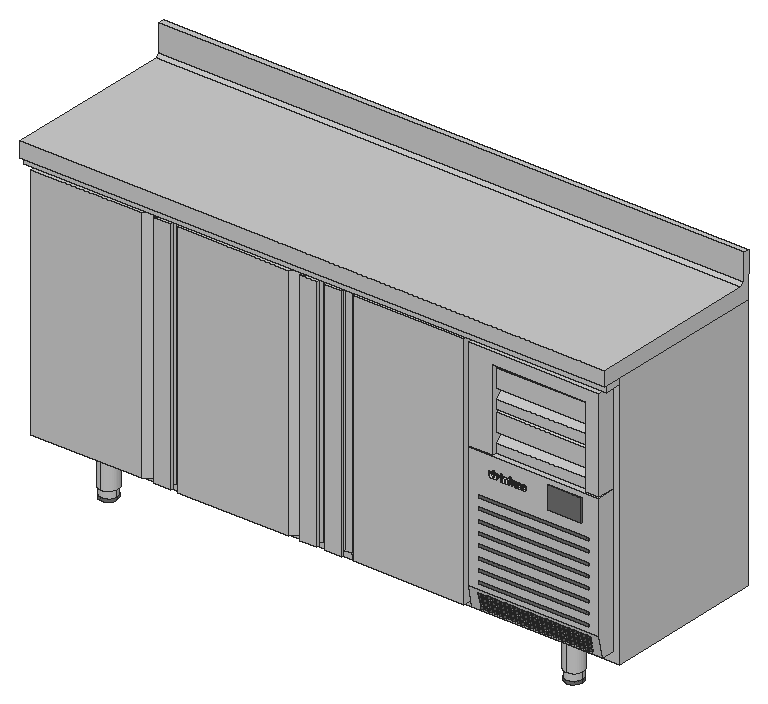
Revit family "QF_INFRICO_FMPP2000II_250812101802", category Specialty Equipment, Revit 2021
Family settings
  Round Connector Dimension = Use Diameter
  Part Type = Normal
  OmniClass Number = 23.40.40.14
  OmniClass Title = Food Service Equipment
  Work Plane-Based = No
  Always vertical = Yes
  Cut with Voids When Loaded = No
  Shared = No
  Room Calculation Point = No
Parameters (values of type "FMPP2000II-R290")
  Weight [instance] = 166.001 kg
  Waste Water Discharge Temperature [instance] = 0 °C
  Waste Remarks [instance] = ""
  Warranty Start Date [instance] = ""
  Warranty Duration [instance] = ""
  Volts [instance] = 230 V
  Volt Free Conn [instance] = no
  URL Recommended Spares List [instance] = ""
  URL Manufacturer [instance] = ""
  URL Cutsheet [instance] = ""
  URL Critical Spares List [instance] = ""
  URL = "www.infrico.com"
  Technical Documentation [instance] = ""
  Tag Number [instance] = ""
  Status [instance] = ""
  Start Up Current [instance] = 0 A
  Specification by User [instance] = ""
  Specification by Manufacturer [instance] = ""
  Sound Level [instance] = ""
  Show Logo [instance] = yes
  Show Clearances [instance] = yes
  Service Life Duration [instance] = ""
  Serial Number [instance] = ""
  Seismic Rating [instance] = ""
  SMACNA No [instance] = ""
  Revision Code [instance] = ""
  Revision [instance] = ""
  Production Year [instance] = ""
  Potential Equalisation [instance] = no
  Point Load [instance] = 0
  Plumbing Connection Type [instance] = ""
  Phase [instance] = 1
  Other Equipment Approvals [instance] = ""
  Operational Current [instance] = 0 A
  Number of Poles [instance] = 2
  No Load Power Draw [instance] = no
  NAFEM Spec ID Number [instance] = ""
  Model Warning [instance] = ""
  Model = "FMPP2000II"
  Min Ckt Ampacity [instance] = 0 A
  Max Overcurrent Protection [instance] = 0 A
  Masterspec [instance] = ""
  Manufacturer = "INFRICO"
  Main switch integrated [instance] = no
  Length Actual [instance] = 1960.118 mm
  Item Number [instance] = ""
  Installed By [instance] = ""
  Installation Date [instance] = ""
  Indirect Waste Size [instance] = 19.05 mm
  Indirect Waste Remarks [instance] = ""
  Indirect Waste Flow [instance] = 0.0 L/s
  Indirect Waste Connection Type [instance] = ""
  Indirect Waste Connection Height [instance] = 0 mm
  Identify Quantity as Lot [instance] = no
  ID [instance] = ""
  Hygiene Approval [instance] = ""
  Height Actual [instance] = 1050.036 mm
  HP power [instance] = ""
  Furnished By [instance] = ""
  Foodservice Equipment Identifier [instance] = no
  FL Amps [instance] = 0 A
  Electrical Remarks [instance] = ""
  Electric power [instance] = 370 W
  Electric Connection Type [instance] = ""
  Elec Conn RI Height [instance] = 0 mm
  Elec Conn Connection Height [instance] = 0 mm
  ETL Approved [instance] = no
  Direct Waste Water Discharge Temperature [instance] = -273.15 °C
  Direct Waste Size [instance] = 19.05 mm
  Direct Waste RI Height [instance] = 0 mm
  Direct Waste Flow [instance] = 0.0 L/s
  Direct Waste Connection Height [instance] = 0 mm
  Description = "BACK BAR COUNTER REFRIGERATOR - R290"
  Depth Actual [instance] = 599.948 mm
  Default Elevation = 0 mm
  Cycle [instance] = 50 Hz
  Cost = 0
  Connection to energy optimisation system [instance] = yes
  Conn Plug [instance] = ""
  Conn Conduit [instance] = no
  Centralized building control system with digital interface [instance] = ""
  CSI MasterFormat [instance] = ""
  CE Approved [instance] = no
  Barcode [instance] = 0
  Author [instance] = ""
  Asset Identifier [instance] = ""
  Apparent Power [instance] = 370 VA
  Accessory [instance] = no
Reference planes
  plane 1 "Center (Front/Back)": y = 0
  plane 2: z = 0
  plane 3 "Center (Left/Right)": x = 0
Forms (mm)
  Extrusion 1, solid, not visible
    sketch origin (788.038, -113.006, 142.007) x (1, 0, 0) y (0, 1, 0)
      loop
        line (-2, 2) -> (-2, -2) -> (2, -2) -> (2, 2) -> (-2, 2)
    from -2 to 2
  Extrusion 2, solid, not visible
    sketch origin (1899.093, -61.003, 142.007) x (1, 0, 0) y (0, 1, 0)
      loop
        line (-2, 2) -> (-2, -2) -> (2, -2) -> (2, 2) -> (-2, 2)
    from -2 to 2
Dimensions and locks
  locked: nested 2 to Extrusion 1 at 2  (x2)
  locked: nested 3 to Extrusion 2 at 2  (x2)
  aligned and locked: level to plane 2
Nested families
  nested 1: "QF_INFRICO_FMPP2000_2920" at (0, 0, 140), type "FMPP2000II-R290"
    with Weight 166.001 kg, Warranty Start Date "", Warranty Duration "", URL Cutsheet "", Technical Documentation "", Tag Number "", Status "", Specification by User "", Specification by Manufacturer "", Sound Level "", Solid Fuel Type "", Show Logo yes, Show Clearances yes, Show Clearance yes, Service Life Duration "", Serial Number "", Seismic Rating "", SMACNA No "", Revision Code "", Revision "", Production Year "", Point Load 0, Other Equipment Approvals "", NAFEM Spec ID Number "", Model Warning "", Masterspec "", Length Actual 1960.118 mm, Item Number "", Installed By "", Installation Date "", Identify Quantity as Lot yes, ID "", Hygiene Approval "", Height Actual 1050.036 mm, Furnished By "", Foodservice Equipment Identifier yes, ETL Approved yes, Depth Actual 599.948 mm, CSI MasterFormat "", CE Approved no, Barcode "", Author "", Asset Identifier "", Accessory no
  nested 2: "CONN_POINT_DRAIN_2D___Generic_Annotation" at (788.038, -113.006, 140.007), type "CONN_POINT_DRAIN_2D___Generic_Annotation"
    with Onboard connection annotation symbol visibility yes
  nested 3: "CONN_POINT_ELE_2D___Generic_Annotation" at (1899.093, -61.003, 140.007), type "CONN_POINT_ELE_2D___Generic_Annotation"
    with Onboard connection annotation symbol visibility yes
  nested 4: "QF_INFRICO_FMPP_DOOR_SX_4899" at (22, -538, 168), type "FMPP_DOOR_SX"
    with Weight 0.00 kg, Warranty Start Date "", Warranty Duration "", URL Cutsheet "", Technical Documentation "", Tag Number "", Status "", Specification by User "", Specification by Manufacturer "", Sound Level "", Solid Fuel Type "", Show Logo yes, Show Clearances yes, Show Clearance yes, Service Life Duration "", Serial Number "", Seismic Rating "", SMACNA No "", Revision Code "", Revision "", Production Year "", Point Load 0, Other Equipment Approvals "", NAFEM Spec ID Number "", Model Warning "", Masterspec "", Length Actual 467.106 mm, Item Number "", Installed By "", Installation Date "", Identify Quantity as Lot yes, ID "", Hygiene Approval "", Height Actual 797.052 mm, Furnished By "", Foodservice Equipment Identifier yes, ETL Approved yes, Depth Actual 54.102 mm, CSI MasterFormat "", CE Approved no, Barcode "", Author "", Asset Identifier "", Accessory yes
  nested 5: "QF_INFRICO_FMPP_DOOR_SX_5680" at (514, -538, 168), type "FMPP_DOOR_SX"
    with Weight 0.00 kg, Warranty Start Date "", Warranty Duration "", URL Cutsheet "", Technical Documentation "", Tag Number "", Status "", Specification by User "", Specification by Manufacturer "", Sound Level "", Solid Fuel Type "", Show Logo yes, Show Clearances yes, Show Clearance yes, Service Life Duration "", Serial Number "", Seismic Rating "", SMACNA No "", Revision Code "", Revision "", Production Year "", Point Load 0, Other Equipment Approvals "", NAFEM Spec ID Number "", Model Warning "", Masterspec "", Length Actual 467.106 mm, Item Number "", Installed By "", Installation Date "", Identify Quantity as Lot yes, ID "", Hygiene Approval "", Height Actual 797.052 mm, Furnished By "", Foodservice Equipment Identifier yes, ETL Approved yes, Depth Actual 54.102 mm, CSI MasterFormat "", CE Approved no, Barcode "", Author "", Asset Identifier "", Accessory yes
  nested 6: "QF_INFRICO_FMPP_DOOR_DX_6457" at (1006, -538, 168), type "FMPP_DOOR_DX"
    with Weight 0.00 kg, Warranty Start Date "", Warranty Duration "", URL Cutsheet "", Technical Documentation "", Tag Number "", Status "", Specification by User "", Specification by Manufacturer "", Sound Level "", Solid Fuel Type "", Show Logo yes, Show Clearances yes, Show Clearance yes, Service Life Duration "", Serial Number "", Seismic Rating "", SMACNA No "", Revision Code "", Revision "", Production Year "", Point Load 0, Other Equipment Approvals "", NAFEM Spec ID Number "", Model Warning "", Masterspec "", Length Actual 467.106 mm, Item Number "", Installed By "", Installation Date "", Identify Quantity as Lot yes, ID "", Hygiene Approval "", Height Actual 797.052 mm, Furnished By "", Foodservice Equipment Identifier yes, ETL Approved yes, Depth Actual 54.102 mm, CSI MasterFormat "", CE Approved no, Barcode "", Author "", Asset Identifier "", Accessory yes
  nested 7: "QF_INFRICO_WORKTOP_BACKSPLASH_7234" at (0, 0, 1000), type "ENC12CPBM20"
    with Weight 0.00 kg, Warranty Start Date "", Warranty Duration "", URL Cutsheet "", Technical Documentation "", Tag Number "", Status "", Specification by User "", Specification by Manufacturer "", Sound Level "", Solid Fuel Type "", Show Logo yes, Show Clearances yes, Show Clearance yes, Service Life Duration "", Serial Number "", Seismic Rating "", SMACNA No "", Revision Code "", Revision "", Production Year "", Point Load 0, Other Equipment Approvals "", NAFEM Spec ID Number "", Model Warning "", Masterspec "", Length Actual 1960.118 mm, Item Number "", Installed By "", Installation Date "", Identify Quantity as Lot yes, ID "", Hygiene Approval "", Height Actual 150.114 mm, Furnished By "", Foodservice Equipment Identifier yes, ETL Approved yes, Depth Actual 599.948 mm, CSI MasterFormat "", CE Approved no, Barcode "", Author "", Asset Identifier "", Accessory yes
  nested 8: "QF_INFRICO_LEGS_8070" at (0, 0, 0), type "LEGS_1960_600"
    with Weight 0.00 kg, Warranty Start Date "", Warranty Duration "", URL Cutsheet "", Technical Documentation "", Tag Number "", Status "", Specification by User "", Specification by Manufacturer "", Sound Level "", Solid Fuel Type "", Show Logo yes, Show Clearances yes, Show Clearance yes, Service Life Duration "", Serial Number "", Seismic Rating "", SMACNA No "", Revision Code "", Revision "", Production Year "", Point Load 0, Other Equipment Approvals "", NAFEM Spec ID Number "", Model Warning "", Masterspec "", Length Actual 1960.118 mm, Item Number "", Installed By "", Installation Date "", Identify Quantity as Lot yes, ID "", Hygiene Approval "", Height Actual 139.954 mm, Furnished By "", Foodservice Equipment Identifier yes, ETL Approved yes, Depth Actual 599.948 mm, CSI MasterFormat "", CE Approved no, Barcode "", Author "", Asset Identifier "", Accessory yes
Connectors
  piping at (788.038, -113.006, 140.007), diameter 19.05, driven by "Indirect Waste Size", driven by "Direct Waste Flow"
    settings: on Extrusion 1, index 1, connector inside diameter 609.6 mm, connector length 0 mm, flow factor 0, pipe flow 0.0 L/s, pressure drop 0.0 Pa, fitting loss kfactor 0, connector angle 0.00°, fixture units 0, engagement length 0 mm, angle of deflection 0.00°, flow configuration 1, flow direction 2, fitting loss method 0, system type 16, joint type 0, gender type 0, connector reference index -1, connector utility 0, adjustable connector no, is connector primary yes, connector description "Waste connection for FMPP2000II"
  electrical at (1899.093, -61.003, 140.007), driven by "Apparent Power", driven by "Number of Poles", driven by "Volts"
    settings: on Extrusion 2, index 2, voltage 230 V, apparent load 0 VA, apparent load phase1 370 VA, apparent load phase2 0 VA, apparent load phase3 0 VA, power factor 1, load classification "Other", number of poles 2, system type 31, power factor state 1, is connector primary yes, connector utility no, sub classification motor no, connector description "Electrical connection for FMPP2000II"
Definition of nested family "QF_INFRICO_FMPP2000_2920"
  Parameters (values of type "FMPP2000II-R290")
    Weight [instance] = 0.00 kg
    Warranty Start Date [instance] = ""
    Warranty Duration [instance] = ""
    URL Cutsheet [instance] = ""
    URL = "www.infrico.com"
    Technical Documentation [instance] = ""
    Tag Number [instance] = ""
    Status [instance] = ""
    Specification by User [instance] = ""
    Specification by Manufacturer [instance] = ""
    Sound Level [instance] = ""
    Solid Fuel Type [instance] = ""
    Show Logo [instance] = yes
    Show Clearances [instance] = yes
    Show Clearance [instance] = yes
    Service Life Duration [instance] = ""
    Serial Number [instance] = ""
    Seismic Rating [instance] = ""
    SMACNA No [instance] = ""
    Revision Code [instance] = ""
    Revision [instance] = ""
    Production Year [instance] = ""
    Point Load [instance] = 0
    Other Equipment Approvals [instance] = ""
    NAFEM Spec ID Number [instance] = ""
    Model Warning [instance] = ""
    Model = "FMPP2000II"
    Masterspec [instance] = ""
    Manufacturer = "INFRICO"
    Length Actual [instance] = 0 mm
    Item Number [instance] = ""
    Installed By [instance] = ""
    Installation Date [instance] = ""
    Identify Quantity as Lot [instance] = yes
    ID [instance] = ""
    Hygiene Approval [instance] = ""
    Height Actual [instance] = 0 mm
    Furnished By [instance] = ""
    Foodservice Equipment Identifier [instance] = yes
    ETL Approved [instance] = yes
    Description = "BACK BAR COUNTER REFRIGERATOR - R290"
    Depth Actual [instance] = 0 mm
    Default Elevation = 0 mm
    CSI MasterFormat [instance] = ""
    CE Approved [instance] = yes
    Barcode [instance] = ""
    Author [instance] = ""
    Asset Identifier [instance] = ""
    Assembly Code = "E1090320"
    Accessory [instance] = yes
  Types (2, lengths in mm): name | Description
    FMPP2000II | "BACK BAR COUNTER REFRIGERATOR - R134A"
    FMPP2000II-R290 | "BACK BAR COUNTER REFRIGERATOR - R290"
  Reference planes
    plane 1 "Back": y = 0
    plane 2: z = 0
    plane 3 "Left": x = 0
    plane 4 "Right": x = 1960
    plane 5 "Front": y = -600
    plane 6 "Top": z = 860
  Forms (mm)
    Extrusion 1, solid
      sketch origin (492, 100, -140) x (0, 1, 0) y (0, 0, 1)
        loop
          line (-638.02, 654.885) -> (-695.03, 654.885) -> (-695.03, 238.436) -> (-678.769, 168) -> (-638.02, 168) -> (-638.02, 654.885)
      from 1005.93 to 1443.93
    Extrusion 2, solid
      sketch origin (-1508, -593.13, -140) x (1, 0, 0) y (0, 0, 1)
        loop
          line (3408.016, 523.949) -> (3040.73, 523.949) -> (3040.73, 514.949) -> (3408.016, 514.949) -> (3408.016, 523.949)
        loop
          line (3408.016, 486.949) -> (3040.73, 486.949) -> (3040.73, 477.949) -> (3408.016, 477.949) -> (3408.016, 486.949)
        loop
          line (3408.016, 449.949) -> (3040.73, 449.949) -> (3040.73, 440.949) -> (3408.016, 440.949) -> (3408.016, 449.949)
        loop
          line (3408.016, 412.949) -> (3040.73, 412.949) -> (3040.73, 403.949) -> (3408.016, 403.949) -> (3408.016, 412.949)
        loop
          line (3408.016, 375.949) -> (3040.73, 375.949) -> (3040.73, 366.949) -> (3408.016, 366.949) -> (3408.016, 375.949)
        loop
          line (3408.016, 338.949) -> (3040.73, 338.949) -> (3040.73, 329.949) -> (3408.016, 329.949) -> (3408.016, 338.949)
        loop
          line (3408.016, 301.949) -> (3040.73, 301.949) -> (3040.73, 292.949) -> (3408.016, 292.949) -> (3408.016, 301.949)
        loop
          line (3408.016, 264.949) -> (3040.73, 264.949) -> (3040.73, 255.949) -> (3408.016, 255.949) -> (3408.016, 264.949)
      from 0 to 2
    Extrusion 3, solid
      sketch origin (-1507.3, -539.263, -135.602) x (1, 0, 0) y (0, -0.224951, 0.97437)
        loop
          line (3036.73, 215.974) -> (3036.73, 205.974) -> (3046.73, 205.974) -> (3046.73, 215.974) -> (3036.73, 215.974)
        loop
          line (3036.73, 230.769) -> (3036.73, 220.769) -> (3046.73, 220.769) -> (3046.73, 230.769) -> (3036.73, 230.769)
        loop
          line (3036.73, 186.385) -> (3036.73, 176.385) -> (3046.73, 176.385) -> (3046.73, 186.385) -> (3036.73, 186.385)
        loop
          line (3036.73, 201.179) -> (3036.73, 191.179) -> (3046.73, 191.179) -> (3046.73, 201.179) -> (3036.73, 201.179)
        loop
          line (3051.938, 215.974) -> (3051.938, 205.974) -> (3061.938, 205.974) -> (3061.938, 215.974) -> (3051.938, 215.974)
        loop
          line (3051.938, 230.769) -> (3051.938, 220.769) -> (3061.938, 220.769) -> (3061.938, 230.769) -> (3051.938, 230.769)
        loop
          line (3051.938, 186.385) -> (3051.938, 176.385) -> (3061.938, 176.385) -> (3061.938, 186.385) -> (3051.938, 186.385)
        loop
          line (3051.938, 201.179) -> (3051.938, 191.179) -> (3061.938, 191.179) -> (3061.938, 201.179) -> (3051.938, 201.179)
        loop
          line (3067.147, 215.974) -> (3067.147, 205.974) -> (3077.147, 205.974) -> (3077.147, 215.974) -> (3067.147, 215.974)
        loop
          line (3067.147, 230.769) -> (3067.147, 220.769) -> (3077.147, 220.769) -> (3077.147, 230.769) -> (3067.147, 230.769)
        loop
          line (3067.147, 186.385) -> (3067.147, 176.385) -> (3077.147, 176.385) -> (3077.147, 186.385) -> (3067.147, 186.385)
        loop
          line (3067.147, 201.179) -> (3067.147, 191.179) -> (3077.147, 191.179) -> (3077.147, 201.179) -> (3067.147, 201.179)
        loop
          line (3082.355, 215.974) -> (3082.355, 205.974) -> (3092.355, 205.974) -> (3092.355, 215.974) -> (3082.355, 215.974)
        loop
          line (3082.355, 230.769) -> (3082.355, 220.769) -> (3092.355, 220.769) -> (3092.355, 230.769) -> (3082.355, 230.769)
        loop
          line (3082.355, 186.385) -> (3082.355, 176.385) -> (3092.355, 176.385) -> (3092.355, 186.385) -> (3082.355, 186.385)
        loop
          line (3082.355, 201.179) -> (3082.355, 191.179) -> (3092.355, 191.179) -> (3092.355, 201.179) -> (3082.355, 201.179)
        loop
          line (3097.563, 215.974) -> (3097.563, 205.974) -> (3107.563, 205.974) -> (3107.563, 215.974) -> (3097.563, 215.974)
        loop
          line (3097.563, 230.769) -> (3097.563, 220.769) -> (3107.563, 220.769) -> (3107.563, 230.769) -> (3097.563, 230.769)
        loop
          line (3097.563, 186.385) -> (3097.563, 176.385) -> (3107.563, 176.385) -> (3107.563, 186.385) -> (3097.563, 186.385)
        loop
          line (3097.563, 201.179) -> (3097.563, 191.179) -> (3107.563, 191.179) -> (3107.563, 201.179) -> (3097.563, 201.179)
        loop
          line (3112.772, 215.974) -> (3112.772, 205.974) -> (3122.772, 205.974) -> (3122.772, 215.974) -> (3112.772, 215.974)
        loop
          line (3112.772, 230.769) -> (3112.772, 220.769) -> (3122.772, 220.769) -> (3122.772, 230.769) -> (3112.772, 230.769)
        loop
          line (3112.772, 186.385) -> (3112.772, 176.385) -> (3122.772, 176.385) -> (3122.772, 186.385) -> (3112.772, 186.385)
        loop
          line (3112.772, 201.179) -> (3112.772, 191.179) -> (3122.772, 191.179) -> (3122.772, 201.179) -> (3112.772, 201.179)
        loop
          line (3127.98, 215.974) -> (3127.98, 205.974) -> (3137.98, 205.974) -> (3137.98, 215.974) -> (3127.98, 215.974)
        loop
          line (3127.98, 230.769) -> (3127.98, 220.769) -> (3137.98, 220.769) -> (3137.98, 230.769) -> (3127.98, 230.769)
        loop
          line (3127.98, 186.385) -> (3127.98, 176.385) -> (3137.98, 176.385) -> (3137.98, 186.385) -> (3127.98, 186.385)
        loop
          line (3127.98, 201.179) -> (3127.98, 191.179) -> (3137.98, 191.179) -> (3137.98, 201.179) -> (3127.98, 201.179)
        loop
          line (3143.188, 215.974) -> (3143.188, 205.974) -> (3153.188, 205.974) -> (3153.188, 215.974) -> (3143.188, 215.974)
        loop
          line (3143.188, 230.769) -> (3143.188, 220.769) -> (3153.188, 220.769) -> (3153.188, 230.769) -> (3143.188, 230.769)
        loop
          line (3143.188, 186.385) -> (3143.188, 176.385) -> (3153.188, 176.385) -> (3153.188, 186.385) -> (3143.188, 186.385)
        loop
          line (3143.188, 201.179) -> (3143.188, 191.179) -> (3153.188, 191.179) -> (3153.188, 201.179) -> (3143.188, 201.179)
        loop
          line (3158.397, 215.974) -> (3158.397, 205.974) -> (3168.397, 205.974) -> (3168.397, 215.974) -> (3158.397, 215.974)
        loop
          line (3158.397, 230.769) -> (3158.397, 220.769) -> (3168.397, 220.769) -> (3168.397, 230.769) -> (3158.397, 230.769)
        loop
          line (3158.397, 186.385) -> (3158.397, 176.385) -> (3168.397, 176.385) -> (3168.397, 186.385) -> (3158.397, 186.385)
        loop
          line (3158.397, 201.179) -> (3158.397, 191.179) -> (3168.397, 191.179) -> (3168.397, 201.179) -> (3158.397, 201.179)
        loop
          line (3173.605, 215.974) -> (3173.605, 205.974) -> (3183.605, 205.974) -> (3183.605, 215.974) -> (3173.605, 215.974)
        loop
          line (3173.605, 230.769) -> (3173.605, 220.769) -> (3183.605, 220.769) -> (3183.605, 230.769) -> (3173.605, 230.769)
        loop
          line (3173.605, 186.385) -> (3173.605, 176.385) -> (3183.605, 176.385) -> (3183.605, 186.385) -> (3173.605, 186.385)
        loop
          line (3173.605, 201.179) -> (3173.605, 191.179) -> (3183.605, 191.179) -> (3183.605, 201.179) -> (3173.605, 201.179)
        loop
          line (3188.813, 215.974) -> (3188.813, 205.974) -> (3198.813, 205.974) -> (3198.813, 215.974) -> (3188.813, 215.974)
        loop
          line (3188.813, 230.769) -> (3188.813, 220.769) -> (3198.813, 220.769) -> (3198.813, 230.769) -> (3188.813, 230.769)
        loop
          line (3188.813, 186.385) -> (3188.813, 176.385) -> (3198.813, 176.385) -> (3198.813, 186.385) -> (3188.813, 186.385)
        loop
          line (3188.813, 201.179) -> (3188.813, 191.179) -> (3198.813, 191.179) -> (3198.813, 201.179) -> (3188.813, 201.179)
        loop
          line (3204.022, 215.974) -> (3204.022, 205.974) -> (3214.022, 205.974) -> (3214.022, 215.974) -> (3204.022, 215.974)
        loop
          line (3204.022, 230.769) -> (3204.022, 220.769) -> (3214.022, 220.769) -> (3214.022, 230.769) -> (3204.022, 230.769)
        loop
          line (3204.022, 186.385) -> (3204.022, 176.385) -> (3214.022, 176.385) -> (3214.022, 186.385) -> (3204.022, 186.385)
        loop
          line (3204.022, 201.179) -> (3204.022, 191.179) -> (3214.022, 191.179) -> (3214.022, 201.179) -> (3204.022, 201.179)
        loop
          line (3219.23, 215.974) -> (3219.23, 205.974) -> (3229.23, 205.974) -> (3229.23, 215.974) -> (3219.23, 215.974)
        loop
          line (3219.23, 230.769) -> (3219.23, 220.769) -> (3229.23, 220.769) -> (3229.23, 230.769) -> (3219.23, 230.769)
        loop
          line (3219.23, 186.385) -> (3219.23, 176.385) -> (3229.23, 176.385) -> (3229.23, 186.385) -> (3219.23, 186.385)
        loop
          line (3219.23, 201.179) -> (3219.23, 191.179) -> (3229.23, 191.179) -> (3229.23, 201.179) -> (3219.23, 201.179)
        loop
          line (3234.438, 215.974) -> (3234.438, 205.974) -> (3244.438, 205.974) -> (3244.438, 215.974) -> (3234.438, 215.974)
        loop
          line (3234.438, 230.769) -> (3234.438, 220.769) -> (3244.438, 220.769) -> (3244.438, 230.769) -> (3234.438, 230.769)
        loop
          line (3234.438, 186.385) -> (3234.438, 176.385) -> (3244.438, 176.385) -> (3244.438, 186.385) -> (3234.438, 186.385)
        loop
          line (3234.438, 201.179) -> (3234.438, 191.179) -> (3244.438, 191.179) -> (3244.438, 201.179) -> (3234.438, 201.179)
        loop
          line (3249.647, 215.974) -> (3249.647, 205.974) -> (3259.647, 205.974) -> (3259.647, 215.974) -> (3249.647, 215.974)
        loop
          line (3249.647, 230.769) -> (3249.647, 220.769) -> (3259.647, 220.769) -> (3259.647, 230.769) -> (3249.647, 230.769)
        loop
          line (3249.647, 186.385) -> (3249.647, 176.385) -> (3259.647, 176.385) -> (3259.647, 186.385) -> (3249.647, 186.385)
        loop
          line (3249.647, 201.179) -> (3249.647, 191.179) -> (3259.647, 191.179) -> (3259.647, 201.179) -> (3249.647, 201.179)
        loop
          line (3264.855, 215.974) -> (3264.855, 205.974) -> (3274.855, 205.974) -> (3274.855, 215.974) -> (3264.855, 215.974)
        loop
          line (3264.855, 230.769) -> (3264.855, 220.769) -> (3274.855, 220.769) -> (3274.855, 230.769) -> (3264.855, 230.769)
        loop
          line (3264.855, 186.385) -> (3264.855, 176.385) -> (3274.855, 176.385) -> (3274.855, 186.385) -> (3264.855, 186.385)
        loop
          line (3264.855, 201.179) -> (3264.855, 191.179) -> (3274.855, 191.179) -> (3274.855, 201.179) -> (3264.855, 201.179)
        loop
          line (3280.063, 215.974) -> (3280.063, 205.974) -> (3290.063, 205.974) -> (3290.063, 215.974) -> (3280.063, 215.974)
        loop
          line (3280.063, 230.769) -> (3280.063, 220.769) -> (3290.063, 220.769) -> (3290.063, 230.769) -> (3280.063, 230.769)
        loop
          line (3280.063, 186.385) -> (3280.063, 176.385) -> (3290.063, 176.385) -> (3290.063, 186.385) -> (3280.063, 186.385)
        loop
          line (3280.063, 201.179) -> (3280.063, 191.179) -> (3290.063, 191.179) -> (3290.063, 201.179) -> (3280.063, 201.179)
        loop
          line (3295.272, 215.974) -> (3295.272, 205.974) -> (3305.272, 205.974) -> (3305.272, 215.974) -> (3295.272, 215.974)
        loop
          line (3295.272, 230.769) -> (3295.272, 220.769) -> (3305.272, 220.769) -> (3305.272, 230.769) -> (3295.272, 230.769)
        loop
          line (3295.272, 186.385) -> (3295.272, 176.385) -> (3305.272, 176.385) -> (3305.272, 186.385) -> (3295.272, 186.385)
        loop
          line (3295.272, 201.179) -> (3295.272, 191.179) -> (3305.272, 191.179) -> (3305.272, 201.179) -> (3295.272, 201.179)
        loop
          line (3310.48, 215.974) -> (3310.48, 205.974) -> (3320.48, 205.974) -> (3320.48, 215.974) -> (3310.48, 215.974)
        loop
          line (3310.48, 230.769) -> (3310.48, 220.769) -> (3320.48, 220.769) -> (3320.48, 230.769) -> (3310.48, 230.769)
        loop
          line (3310.48, 186.385) -> (3310.48, 176.385) -> (3320.48, 176.385) -> (3320.48, 186.385) -> (3310.48, 186.385)
        loop
          line (3310.48, 201.179) -> (3310.48, 191.179) -> (3320.48, 191.179) -> (3320.48, 201.179) -> (3310.48, 201.179)
        loop
          line (3325.688, 215.974) -> (3325.688, 205.974) -> (3335.688, 205.974) -> (3335.688, 215.974) -> (3325.688, 215.974)
        loop
          line (3325.688, 230.769) -> (3325.688, 220.769) -> (3335.688, 220.769) -> (3335.688, 230.769) -> (3325.688, 230.769)
        loop
          line (3325.688, 186.385) -> (3325.688, 176.385) -> (3335.688, 176.385) -> (3335.688, 186.385) -> (3325.688, 186.385)
        loop
          line (3325.688, 201.179) -> (3325.688, 191.179) -> (3335.688, 191.179) -> (3335.688, 201.179) -> (3325.688, 201.179)
        loop
          line (3340.897, 215.974) -> (3340.897, 205.974) -> (3350.897, 205.974) -> (3350.897, 215.974) -> (3340.897, 215.974)
        loop
          line (3340.897, 230.769) -> (3340.897, 220.769) -> (3350.897, 220.769) -> (3350.897, 230.769) -> (3340.897, 230.769)
        loop
          line (3340.897, 186.385) -> (3340.897, 176.385) -> (3350.897, 176.385) -> (3350.897, 186.385) -> (3340.897, 186.385)
        loop
          line (3340.897, 201.179) -> (3340.897, 191.179) -> (3350.897, 191.179) -> (3350.897, 201.179) -> (3340.897, 201.179)
        loop
          line (3356.105, 215.974) -> (3356.105, 205.974) -> (3366.105, 205.974) -> (3366.105, 215.974) -> (3356.105, 215.974)
        loop
          line (3356.105, 230.769) -> (3356.105, 220.769) -> (3366.105, 220.769) -> (3366.105, 230.769) -> (3356.105, 230.769)
        loop
          line (3356.105, 186.385) -> (3356.105, 176.385) -> (3366.105, 176.385) -> (3366.105, 186.385) -> (3356.105, 186.385)
        loop
          line (3356.105, 201.179) -> (3356.105, 191.179) -> (3366.105, 191.179) -> (3366.105, 201.179) -> (3356.105, 201.179)
        loop
          line (3371.313, 215.974) -> (3371.313, 205.974) -> (3381.313, 205.974) -> (3381.313, 215.974) -> (3371.313, 215.974)
        loop
          line (3371.313, 230.769) -> (3371.313, 220.769) -> (3381.313, 220.769) -> (3381.313, 230.769) -> (3371.313, 230.769)
        loop
          line (3371.313, 186.385) -> (3371.313, 176.385) -> (3381.313, 176.385) -> (3381.313, 186.385) -> (3371.313, 186.385)
        loop
          line (3371.313, 201.179) -> (3371.313, 191.179) -> (3381.313, 191.179) -> (3381.313, 201.179) -> (3371.313, 201.179)
        loop
          line (3386.522, 215.974) -> (3386.522, 205.974) -> (3396.522, 205.974) -> (3396.522, 215.974) -> (3386.522, 215.974)
        loop
          line (3386.522, 230.769) -> (3386.522, 220.769) -> (3396.522, 220.769) -> (3396.522, 230.769) -> (3386.522, 230.769)
        loop
          line (3386.522, 186.385) -> (3386.522, 176.385) -> (3396.522, 176.385) -> (3396.522, 186.385) -> (3386.522, 186.385)
        loop
          line (3386.522, 201.179) -> (3386.522, 191.179) -> (3396.522, 191.179) -> (3396.522, 201.179) -> (3386.522, 201.179)
        loop
          line (3401.73, 215.974) -> (3401.73, 205.974) -> (3411.73, 205.974) -> (3411.73, 215.974) -> (3401.73, 215.974)
        loop
          line (3401.73, 230.769) -> (3401.73, 220.769) -> (3411.73, 220.769) -> (3411.73, 230.769) -> (3401.73, 230.769)
        loop
          line (3401.73, 186.385) -> (3401.73, 176.385) -> (3411.73, 176.385) -> (3411.73, 186.385) -> (3401.73, 186.385)
        loop
          line (3401.73, 201.179) -> (3401.73, 191.179) -> (3411.73, 191.179) -> (3411.73, 201.179) -> (3401.73, 201.179)
      from 0 to 2
    Extrusion 4, solid, visible <- "Show Logo"
      sketch origin (402.665, -593.13, -246.187) x (1, 0, 0) y (0, 0, 1)
        loop
          line (1208.799, 696.53) -> (1208.799, 719.204) -> (1204.173, 719.204) -> (1204.173, 696.53) -> (1208.799, 696.53)
        loop
          line (1214.779, 713.006) -> (1211.283, 713.006) -> (1211.283, 696.53) -> (1215.772, 696.53) -> (1215.772, 707.832)
          arc (1215.772, 707.832) -> (1217.528, 708.741) -> (1219.417, 709.324) r 11.052
          arc (1219.417, 709.324) -> (1220.929, 708.961) -> (1221.598, 707.557) r 1.806
          line (1221.598, 707.557) -> (1221.598, 696.53) -> (1226.121, 696.53) -> (1226.121, 708.689)
          arc (1226.121, 708.689) -> (1224.637, 712.075) -> (1221.141, 713.281) r 4.607
          arc (1221.141, 713.281) -> (1218.282, 712.674) -> (1215.669, 711.361) r 11.435
          line (1215.669, 711.361) -> (1215.601, 712.184)
          arc (1215.601, 712.184) -> (1215.36, 712.765) -> (1214.779, 713.006) r 0.822
        loop
          line (1238.557, 720.102) -> (1237.306, 720.102)
          arc (1237.306, 720.102) -> (1235.052, 719.926) -> (1232.881, 719.297) r 11.103
          arc (1232.881, 719.297) -> (1230.805, 717.616) -> (1230.024, 715.062) r 4.567
          line (1230.024, 715.062) -> (1230.024, 712.909) -> (1227.351, 712.703) -> (1227.351, 709.374) -> (1230.024, 709.374) -> (1230.024, 696.53) -> (1234.547, 696.53) -> (1234.547, 709.374) -> (1238.249, 709.374) -> (1238.249, 712.938) -> (1234.547, 712.938) -> (1234.547, 714.548)
          arc (1234.547, 714.548) -> (1234.956, 715.705) -> (1236.045, 716.271) r 1.67
          line (1236.045, 716.271) -> (1237.7, 716.399)
          arc (1237.7, 716.399) -> (1238.306, 716.65) -> (1238.557, 717.255) r 0.857
          line (1238.557, 717.255) -> (1238.557, 720.102)
        loop
          line (1239.479, 713.006) -> (1239.479, 696.53) -> (1243.968, 696.53) -> (1243.968, 707.352)
          arc (1243.968, 707.352) -> (1245.873, 708.631) -> (1248.077, 709.268) r 7.435
          line (1248.077, 709.268) -> (1249.241, 709.416)
          arc (1249.241, 709.416) -> (1249.643, 709.758) -> (1249.793, 710.265) r 0.928
          line (1249.793, 710.265) -> (1249.793, 712.458)
          arc (1249.793, 712.458) -> (1249.531, 713.061) -> (1248.912, 713.28) r 0.824
          arc (1248.912, 713.28) -> (1246.197, 712.588) -> (1243.899, 710.984) r 7.833
          line (1243.899, 710.984) -> (1243.726, 713.006) -> (1239.479, 713.006)
        loop
          line (1255.495, 696.53) -> (1255.495, 713.006) -> (1251.006, 713.006) -> (1251.006, 696.53) -> (1255.495, 696.53)
        loop
          arc (1257.421, 701.327) -> (1258.567, 698.188) -> (1261.466, 696.525) r 4.873
          arc (1261.466, 696.525) -> (1264.493, 696.266) -> (1267.521, 696.525) r 17.816
          arc (1267.521, 696.525) -> (1270.575, 699.134) -> (1271.505, 703.041) r 6.481
          line (1271.505, 703.041) -> (1267.187, 703.041) -> (1267.187, 701.67)
          arc (1267.187, 701.67) -> (1266.64, 700.452) -> (1265.442, 699.865) r 1.965
          arc (1265.442, 699.865) -> (1264.547, 699.816) -> (1263.653, 699.865) r 8.196
          arc (1263.653, 699.865) -> (1262.417, 700.415) -> (1261.91, 701.67) r 1.806
          line (1261.91, 701.67) -> (1261.91, 707.9)
          arc (1261.91, 707.9) -> (1262.417, 709.155) -> (1263.653, 709.705) r 1.806
          arc (1263.653, 709.705) -> (1264.547, 709.754) -> (1265.442, 709.705) r 8.196
          arc (1265.442, 709.705) -> (1266.64, 709.118) -> (1267.187, 707.9) r 1.965
          line (1267.187, 707.9) -> (1267.187, 706.838) -> (1271.505, 706.838)
          arc (1271.505, 706.838) -> (1270.524, 710.556) -> (1267.521, 712.959) r 6.132
          arc (1267.521, 712.959) -> (1264.493, 713.294) -> (1261.466, 712.959) r 13.851
          arc (1261.466, 712.959) -> (1258.571, 711.349) -> (1257.421, 708.243) r 4.772
          line (1257.421, 708.243) -> (1257.421, 701.327)
        loop
          arc (1272.916, 701.329) -> (1273.993, 698.345) -> (1276.726, 696.734) r 4.676
          arc (1276.726, 696.734) -> (1278.515, 696.455) -> (1280.318, 696.291) r 28.371
          arc (1280.318, 696.291) -> (1282.122, 696.455) -> (1283.911, 696.734) r 28.371
          arc (1283.911, 696.734) -> (1286.644, 698.345) -> (1287.72, 701.329) r 4.676
          line (1287.72, 701.329) -> (1287.72, 708.242)
          arc (1287.72, 708.242) -> (1286.644, 711.226) -> (1283.911, 712.837) r 4.676
          arc (1283.911, 712.837) -> (1282.122, 713.116) -> (1280.318, 713.28) r 28.371
          arc (1280.318, 713.28) -> (1278.515, 713.116) -> (1276.726, 712.837) r 28.371
          arc (1276.726, 712.837) -> (1273.993, 711.226) -> (1272.916, 708.242) r 4.676
          line (1272.916, 708.242) -> (1272.916, 701.329)
        loop
          line (1277.405, 707.866) -> (1277.405, 701.705)
          arc (1277.405, 701.705) -> (1277.844, 700.556) -> (1278.936, 699.991) r 1.725
          arc (1278.936, 699.991) -> (1279.627, 699.918) -> (1280.318, 699.856) r 46.133
          arc (1280.318, 699.856) -> (1281.01, 699.918) -> (1281.701, 699.991) r 46.133
          arc (1281.701, 699.991) -> (1282.793, 700.556) -> (1283.231, 701.705) r 1.725
          line (1283.231, 701.705) -> (1283.231, 707.866)
          arc (1283.231, 707.866) -> (1282.793, 709.015) -> (1281.701, 709.58) r 1.725
          arc (1281.701, 709.58) -> (1281.01, 709.653) -> (1280.318, 709.716) r 46.133
          arc (1280.318, 709.716) -> (1279.627, 709.653) -> (1278.936, 709.58) r 46.133
          arc (1278.936, 709.58) -> (1277.844, 709.015) -> (1277.405, 707.866) r 1.725
        loop
          arc (1190.339, 696.543) -> (1191.411, 696.987) -> (1191.856, 698.059) r 1.516
          line (1191.856, 698.059) -> (1191.856, 703.891) -> (1196.035, 703.891)
          arc (1196.035, 703.891) -> (1196.79, 704.121) -> (1197.218, 704.782) r 1.147
          line (1197.218, 704.782) -> (1197.218, 706.211)
          arc (1197.218, 706.211) -> (1196.787, 707.258) -> (1195.719, 707.634) r 1.385
          line (1195.719, 707.634) -> (1194.52, 707.634) -> (1197.218, 710.332)
          arc (1197.218, 710.332) -> (1197.605, 711.266) -> (1197.218, 712.2) r 1.321
          line (1197.218, 712.2) -> (1196.495, 712.923)
          arc (1196.495, 712.923) -> (1195.54, 713.338) -> (1194.558, 712.991) r 1.422
          line (1194.558, 712.991) -> (1191.853, 710.286) -> (1191.853, 711.479)
          arc (1191.853, 711.479) -> (1191.443, 712.516) -> (1190.435, 712.992) r 1.516
          line (1190.435, 712.992) -> (1189.514, 712.992)
          arc (1189.514, 712.992) -> (1188.511, 712.514) -> (1188.103, 711.479) r 1.516
          line (1188.103, 711.479) -> (1188.103, 706.83) -> (1182.073, 701.336) -> (1182.073, 707.509) -> (1185.639, 711.075)
          arc (1185.639, 711.075) -> (1186.053, 712.073) -> (1185.639, 713.071) r 1.412
          line (1185.639, 713.071) -> (1184.987, 713.723)
          arc (1184.987, 713.723) -> (1183.939, 714.141) -> (1182.915, 713.667) r 1.428
          line (1182.915, 713.667) -> (1182.073, 712.825) -> (1182.073, 717.784)
          arc (1182.073, 717.784) -> (1181.658, 718.787) -> (1180.655, 719.203) r 1.418
          line (1180.655, 719.203) -> (1179.726, 719.203)
          arc (1179.726, 719.203) -> (1178.723, 718.787) -> (1178.308, 717.784) r 1.418
          line (1178.308, 717.784) -> (1178.308, 712.825) -> (1177.466, 713.667)
          arc (1177.466, 713.667) -> (1176.442, 714.141) -> (1175.394, 713.723) r 1.428
          line (1175.394, 713.723) -> (1174.742, 713.071)
          arc (1174.742, 713.071) -> (1174.328, 712.073) -> (1174.742, 711.075) r 1.412
          line (1174.742, 711.075) -> (1178.308, 707.509) -> (1178.308, 701.336) -> (1172.278, 706.83) -> (1172.278, 711.479)
          arc (1172.278, 711.479) -> (1171.87, 712.514) -> (1170.867, 712.992) r 1.516
          line (1170.867, 712.992) -> (1169.946, 712.992)
          arc (1169.946, 712.992) -> (1168.938, 712.516) -> (1168.528, 711.479) r 1.516
          line (1168.528, 711.479) -> (1168.528, 710.286) -> (1165.823, 712.991)
          arc (1165.823, 712.991) -> (1164.841, 713.338) -> (1163.886, 712.923) r 1.422
          line (1163.886, 712.923) -> (1163.163, 712.2)
          arc (1163.163, 712.2) -> (1162.776, 711.266) -> (1163.163, 710.332) r 1.321
          line (1163.163, 710.332) -> (1165.861, 707.634) -> (1164.662, 707.634)
          arc (1164.662, 707.634) -> (1163.594, 707.258) -> (1163.163, 706.211) r 1.385
          line (1163.163, 706.211) -> (1163.163, 704.782)
          arc (1163.163, 704.782) -> (1163.591, 704.121) -> (1164.346, 703.891) r 1.147
          line (1164.346, 703.891) -> (1168.525, 703.891) -> (1168.525, 698.059)
          arc (1168.525, 698.059) -> (1168.969, 696.987) -> (1170.042, 696.543) r 1.516
          line (1170.042, 696.543) -> (1190.339, 696.543)
      from 0 to 2
    Extrusion 5, solid
      sketch origin (597.578, 100, -156.025) x (1, 0, 0) y (0, 0, 1)
        loop
          line (1169.616, 654.3) -> (1169.616, 577.9) -> (1281.216, 577.9) -> (1281.216, 654.3) -> (1169.616, 654.3)
      from 695.03 to 698.23
    Extrusion 6, solid
      sketch origin (866.5, 58.5, 0) x (1, 0, 0) y (0, 1, 0)
        loop
          circle (1032.5, -119.5) r 12.7
      from -5 to 0
    Extrusion 7, solid
      sketch origin (0, 0, 0) x (1, 0, 0) y (0, 1, 0)
        loop
          circle (788, -113) r 9.525
      from -5 to 0
    Extrusion 8, solid
      sketch origin (0, 0, 0) x (1, 0, 0) y (0, 1, 0)
        loop
          line (0, -538.02) -> (1960, -538.02) -> (1960, 0) -> (0, 0) -> (0, -538.02)
        loop
          line (60, -60) -> (60, -478.02) -> (1900, -478.02) -> (1900, -60) -> (60, -60)
      from 0 to 860
    Extrusion 9, solid
      sketch origin (0, 0, 0) x (1, 0, 0) y (0, 0, 1)
        loop
          line (60, 0) -> (1900, 0) -> (1900, 60) -> (60, 60) -> (60, 0)
      from 60 to 478.02
    Extrusion 10, void
      sketch origin (0, 0, 0) x (1, 0, 0) y (0, 0, 1)
        loop
          line (60, 800) -> (60, 60) -> (1412, 60) -> (1412, 800) -> (60, 800)
      from 60 to 538.02
    Extrusion 11, solid
      sketch origin (0, 100, 200) x (1, 0, 0) y (0, 1, 0)
        loop
          line (454, -638.02) -> (549, -638.02) -> (549, -628.02) -> (454, -628.02) -> (454, -638.02)
      from -140 to 600
    Extrusion 12, solid
      sketch origin (136.16, 0, 0) x (1, 0, 0) y (0, 0, 1)
        loop
          line (1361.77, 830.367) -> (1361.77, 520.347) -> (1443.93, 520.347) -> (1443.93, 790.767) -> (1756.37, 790.767) -> (1756.37, 520.347) -> (1799.77, 520.347) -> (1799.77, 830.367) -> (1361.77, 830.367)
      from 538.02 to 595.03
    Extrusion 13, solid
      sketch origin (492, -1000, 0) x (1, 0, 0) y (0, 0, 1)
        loop
          line (1464.98, 837.357) -> (1464.98, 860) -> (-489.04, 860) -> (-489.04, 837.357) -> (1464.98, 837.357)
      from -461.98 to -409.56
    Extrusion 14, solid
      sketch origin (1426.53, -528.23, 520.347) x (0, 1, 0) y (0, 0, 1)
        loop
          line (-9.79, 0) -> (-9.79, 128.747) -> (-20.79, 128.747) -> (-20.79, 121.434) -> (-39.216, 116.496) -> (-46.258, 128.693) -> (-54.021, 124.211) -> (-54.021, 64.021) -> (-40.08, 96.864) -> (-38.742, 97.46) -> (-28.844, 97.805) -> (-27.112, 96.899) -> (-23.93, 85.422) -> (-23.93, 62.47) -> (-54, 32.4) -> (-54, 0) -> (-9.79, 0)
      from 153.56 to 466
    Extrusion 15, solid
      sketch origin (1426.53, -528.23, 652.595) x (0, 1, 0) y (0, 0, 1)
        loop
          line (-9.79, 0) -> (-9.79, 128.747) -> (-20.79, 128.747) -> (-20.79, 121.434) -> (-39.216, 116.496) -> (-46.258, 128.693) -> (-54.021, 124.211) -> (-54.021, 64.021) -> (-40.08, 96.864) -> (-38.742, 97.46) -> (-28.844, 97.805) -> (-27.112, 96.899) -> (-23.93, 85.422) -> (-23.93, 62.47) -> (-54, 32.4) -> (-54, 0) -> (-9.79, 0)
      from 153.56 to 466
    Extrusion 16, solid
      sketch origin (492, 100, 200) x (1, 0, 0) y (0, 1, 0)
        loop
          line (454, -638.02) -> (549, -638.02) -> (549, -628.02) -> (454, -628.02) -> (454, -638.02)
      from -140 to 600
  Cuts and joins
    Extrusion 10 cuts Extrusion 8
    Extrusion 10 cuts Extrusion 9
    joined: Extrusion 8, Extrusion 9, Extrusion 13
  Lines and regions (mm)
    symbolic lines, visible <- "Show Clearance"
      curve 1: line (1960, 0, 0) -> (0, 0, 0)
      curve 2: line (0, 0, 0) -> (0, -600, 0)
      curve 3: line (0, -600, 0) -> (1960, -600, 0)
      curve 4: line (1960, -600, 0) -> (1960, 0, 0)
  Dimensions and locks
    plane 4 "Right" to plane 3 "Left" = 1960 mm
    plane 6 "Top" to level = 860 mm
    plane 1 "Back" to plane 5 "Front" = 600 mm  (x2)
    plane 3 "Left" to plane 4 "Right" = 1960 mm
    aligned and locked: level to plane 2
  Connectors
    electrical at (1899, -61, -5)
      settings: on Extrusion 6, index 1, voltage 0 V, apparent load 0 VA, apparent load phase1 0 VA, apparent load phase2 0 VA, apparent load phase3 0 VA, power factor 1, load classification none, number of poles 1, system type 31, power factor state 1, is connector primary yes, connector utility no, sub classification motor no, connector description "Electrical collection"
    piping at (788, -113, -5), diameter 19.1
      settings: on Extrusion 7, index 2, connector inside diameter 609.6 mm, connector length 0 mm, flow factor 0, pipe flow 0.0 L/s, pressure drop 0.0 Pa, fitting loss kfactor 0, connector angle 0.00°, fixture units 0, engagement length 0 mm, angle of deflection 0.00°, flow configuration 1, flow direction 2, fitting loss method 0, system type 16, joint type 0, gender type 0, connector reference index -1, connector utility 0, adjustable connector no, is connector primary yes, connector description "Drain connection"
Definition of nested family "QF_INFRICO_FMPP_DOOR_SX_4899"
  Parameters (values of type "FMPP_DOOR_SX")
    Weight [instance] = 0.00 kg
    Warranty Start Date [instance] = ""
    Warranty Duration [instance] = ""
    URL Cutsheet [instance] = ""
    URL = "www.infrico.com"
    Technical Documentation [instance] = ""
    Tag Number [instance] = ""
    Status [instance] = ""
    Specification by User [instance] = ""
    Specification by Manufacturer [instance] = ""
    Sound Level [instance] = ""
    Solid Fuel Type [instance] = ""
    Show Logo [instance] = yes
    Show Clearances [instance] = yes
    Show Clearance [instance] = yes
    Service Life Duration [instance] = ""
    Serial Number [instance] = ""
    Seismic Rating [instance] = ""
    SMACNA No [instance] = ""
    Revision Code [instance] = ""
    Revision [instance] = ""
    Production Year [instance] = ""
    Point Load [instance] = 0
    Other Equipment Approvals [instance] = ""
    NAFEM Spec ID Number [instance] = ""
    Model Warning [instance] = ""
    Model = "FMPP_DOOR_SX"
    Masterspec [instance] = ""
    Manufacturer = "INFRICO"
    Length Actual [instance] = 0 mm
    Item Number [instance] = ""
    Installed By [instance] = ""
    Installation Date [instance] = ""
    Identify Quantity as Lot [instance] = yes
    ID [instance] = ""
    Hygiene Approval [instance] = ""
    Height Actual [instance] = 0 mm
    Furnished By [instance] = ""
    Foodservice Equipment Identifier [instance] = yes
    ETL Approved [instance] = yes
    Description = "LEFT DOOR"
    Depth Actual [instance] = 0 mm
    Default Elevation = 0 mm
    CSI MasterFormat [instance] = ""
    CE Approved [instance] = yes
    Barcode [instance] = ""
    Author [instance] = ""
    Asset Identifier [instance] = ""
    Assembly Code = "E1090320"
    Accessory [instance] = yes
  Reference planes
    plane 1 "Back": y = 0
    plane 2: z = 0
    plane 3 "Left": x = 0
    plane 4 "Right": x = 467
    plane 5 "Front": y = -44
    plane 6 "Top": z = 797
  Forms (mm)
    Extrusion 1, solid
      sketch origin (2981.326, 654.02, -168.61) x (-1, 0, 0) y (0, -1, 0)
        loop
          line (2610.426, 698.02) -> (2580.356, 667.95) -> (2557.604, 667.95) -> (2546.663, 670.881)
          arc (2546.663, 670.881) -> (2545.582, 671.631) -> (2545.222, 672.896) r 1.95
          line (2545.222, 672.896) -> (2545.566, 682.741)
          arc (2545.566, 682.741) -> (2545.774, 683.563) -> (2546.304, 684.224) r 2.001
          line (2546.304, 684.224) -> (2571.566, 694.947) -> (2571.566, 698.02) -> (2514.326, 698.02) -> (2514.326, 690.261) -> (2526.525, 683.218) -> (2521.592, 664.81) -> (2514.326, 664.81) -> (2514.326, 654.02) -> (2981.326, 654.02) -> (2981.326, 698.02) -> (2610.426, 698.02)
      from 168.61 to 965.61
    Extrusion 2, solid, visible <- "Show Clearance", detail levels coarse
      sketch origin (0, 0, 0) x (1, 0, 0) y (0, 1, 0)
        loop
          line (0, -44) -> (0, -467) -> (44, -467)
          arc (44, -467) -> (343.106, -343.106) -> (467, -44) r 423
          line (467, -44) -> (0, -44)
      from 0 to 797
  Lines and regions (mm)
    symbolic lines
      curve 1: arc (466.617, -62, 0) -> (336.673, -349.404, 0) -> (44, -467, 0) r 423
      curve 2: line (0, -467, 0) -> (0, -62, 0)
      curve 3: line (44, -467, 0) -> (0, -467, 0)
  Dimensions and locks
    plane 4 "Right" to plane 3 "Left" = 467 mm
    plane 6 "Top" to level = 797 mm  (x2)
    plane 1 "Back" to plane 5 "Front" = 44 mm  (x2)
    plane 3 "Left" to plane 4 "Right" = 467 mm
    aligned and locked: level to plane 2
Definition of nested family "QF_INFRICO_FMPP_DOOR_SX_5680"
  Parameters (values of type "FMPP_DOOR_SX")
    Weight [instance] = 0.00 kg
    Warranty Start Date [instance] = ""
    Warranty Duration [instance] = ""
    URL Cutsheet [instance] = ""
    URL = "www.infrico.com"
    Technical Documentation [instance] = ""
    Tag Number [instance] = ""
    Status [instance] = ""
    Specification by User [instance] = ""
    Specification by Manufacturer [instance] = ""
    Sound Level [instance] = ""
    Solid Fuel Type [instance] = ""
    Show Logo [instance] = yes
    Show Clearances [instance] = yes
    Show Clearance [instance] = yes
    Service Life Duration [instance] = ""
    Serial Number [instance] = ""
    Seismic Rating [instance] = ""
    SMACNA No [instance] = ""
    Revision Code [instance] = ""
    Revision [instance] = ""
    Production Year [instance] = ""
    Point Load [instance] = 0
    Other Equipment Approvals [instance] = ""
    NAFEM Spec ID Number [instance] = ""
    Model Warning [instance] = ""
    Model = "FMPP_DOOR_SX"
    Masterspec [instance] = ""
    Manufacturer = "INFRICO"
    Length Actual [instance] = 0 mm
    Item Number [instance] = ""
    Installed By [instance] = ""
    Installation Date [instance] = ""
    Identify Quantity as Lot [instance] = yes
    ID [instance] = ""
    Hygiene Approval [instance] = ""
    Height Actual [instance] = 0 mm
    Furnished By [instance] = ""
    Foodservice Equipment Identifier [instance] = yes
    ETL Approved [instance] = yes
    Description = "LEFT DOOR"
    Depth Actual [instance] = 0 mm
    Default Elevation = 0 mm
    CSI MasterFormat [instance] = ""
    CE Approved [instance] = yes
    Barcode [instance] = ""
    Author [instance] = ""
    Asset Identifier [instance] = ""
    Assembly Code = "E1090320"
    Accessory [instance] = yes
  Reference planes
    plane 1 "Back": y = 0
    plane 2: z = 0
    plane 3 "Left": x = 0
    plane 4 "Right": x = 467
    plane 5 "Front": y = -44
    plane 6 "Top": z = 797
  Forms (mm)
    Extrusion 1, solid
      sketch origin (2981.326, 654.02, -168.61) x (-1, 0, 0) y (0, -1, 0)
        loop
          line (2610.426, 698.02) -> (2580.356, 667.95) -> (2557.604, 667.95) -> (2546.663, 670.881)
          arc (2546.663, 670.881) -> (2545.582, 671.631) -> (2545.222, 672.896) r 1.95
          line (2545.222, 672.896) -> (2545.566, 682.741)
          arc (2545.566, 682.741) -> (2545.774, 683.563) -> (2546.304, 684.224) r 2.001
          line (2546.304, 684.224) -> (2571.566, 694.947) -> (2571.566, 698.02) -> (2514.326, 698.02) -> (2514.326, 690.261) -> (2526.525, 683.218) -> (2521.592, 664.81) -> (2514.326, 664.81) -> (2514.326, 654.02) -> (2981.326, 654.02) -> (2981.326, 698.02) -> (2610.426, 698.02)
      from 168.61 to 965.61
    Extrusion 2, solid, visible <- "Show Clearance", detail levels coarse
      sketch origin (0, 0, 0) x (1, 0, 0) y (0, 1, 0)
        loop
          line (0, -44) -> (0, -467) -> (44, -467)
          arc (44, -467) -> (343.106, -343.106) -> (467, -44) r 423
          line (467, -44) -> (0, -44)
      from 0 to 797
  Lines and regions (mm)
    symbolic lines
      curve 1: arc (466.617, -62, 0) -> (336.673, -349.404, 0) -> (44, -467, 0) r 423
      curve 2: line (0, -467, 0) -> (0, -62, 0)
      curve 3: line (44, -467, 0) -> (0, -467, 0)
  Dimensions and locks
    plane 4 "Right" to plane 3 "Left" = 467 mm
    plane 6 "Top" to level = 797 mm  (x2)
    plane 1 "Back" to plane 5 "Front" = 44 mm  (x2)
    plane 3 "Left" to plane 4 "Right" = 467 mm
    aligned and locked: level to plane 2
Definition of nested family "QF_INFRICO_FMPP_DOOR_DX_6457"
  Parameters (values of type "FMPP_DOOR_DX")
    Weight [instance] = 0.00 kg
    Warranty Start Date [instance] = ""
    Warranty Duration [instance] = ""
    URL Cutsheet [instance] = ""
    URL = "www.infrico.com"
    Technical Documentation [instance] = ""
    Tag Number [instance] = ""
    Status [instance] = ""
    Specification by User [instance] = ""
    Specification by Manufacturer [instance] = ""
    Sound Level [instance] = ""
    Solid Fuel Type [instance] = ""
    Show Logo [instance] = yes
    Show Clearances [instance] = yes
    Show Clearance [instance] = yes
    Service Life Duration [instance] = ""
    Serial Number [instance] = ""
    Seismic Rating [instance] = ""
    SMACNA No [instance] = ""
    Revision Code [instance] = ""
    Revision [instance] = ""
    Production Year [instance] = ""
    Point Load [instance] = 0
    Other Equipment Approvals [instance] = ""
    NAFEM Spec ID Number [instance] = ""
    Model Warning [instance] = ""
    Model = "FMPP_DOOR_DX"
    Masterspec [instance] = ""
    Manufacturer = "INFRICO"
    Length Actual [instance] = 0 mm
    Item Number [instance] = ""
    Installed By [instance] = ""
    Installation Date [instance] = ""
    Identify Quantity as Lot [instance] = yes
    ID [instance] = ""
    Hygiene Approval [instance] = ""
    Height Actual [instance] = 0 mm
    Furnished By [instance] = ""
    Foodservice Equipment Identifier [instance] = yes
    ETL Approved [instance] = yes
    Description = "RIGHT DOOR"
    Depth Actual [instance] = 0 mm
    Default Elevation = 0 mm
    CSI MasterFormat [instance] = ""
    CE Approved [instance] = yes
    Barcode [instance] = ""
    Author [instance] = ""
    Asset Identifier [instance] = ""
    Assembly Code = "E1090320"
    Accessory [instance] = yes
  Reference planes
    plane 1 "Back": y = 0
    plane 2: z = 0
    plane 3 "Left": x = 0
    plane 4 "Right": x = 467
    plane 5 "Front": y = -44
    plane 6 "Top": z = 797
  Forms (mm)
    Extrusion 1, solid
      sketch origin (-2514.326, 654.02, -168.61) x (1, 0, 0) y (0, 1, 0)
        loop
          line (2610.426, -698.02) -> (2981.326, -698.02) -> (2981.326, -654.02) -> (2514.326, -654.02) -> (2514.326, -664.81) -> (2521.592, -664.81) -> (2526.525, -683.218) -> (2514.326, -690.261) -> (2514.326, -698.02) -> (2571.566, -698.02) -> (2571.566, -694.947) -> (2546.304, -684.224)
          arc (2546.304, -684.224) -> (2545.774, -683.563) -> (2545.566, -682.741) r 2.001
          line (2545.566, -682.741) -> (2545.222, -672.896)
          arc (2545.222, -672.896) -> (2545.582, -671.631) -> (2546.663, -670.881) r 1.95
          line (2546.663, -670.881) -> (2557.604, -667.95) -> (2580.356, -667.95) -> (2610.426, -698.02)
      from 168.61 to 965.61
    Extrusion 2, solid, visible <- "Show Clearance", detail levels coarse
      sketch origin (467, 0, 0) x (-1, 0, 0) y (0, -1, 0)
        loop
          line (0, 44) -> (467, 44)
          arc (467, 44) -> (343.106, 343.106) -> (44, 467) r 423
          line (44, 467) -> (0, 467) -> (0, 44)
      from 0 to 797
  Lines and regions (mm)
    symbolic lines
      curve 1: arc (0.383, -62, 0) -> (130.327, -349.404, 0) -> (423, -467, 0) r 423
      curve 2: line (467, -467, 0) -> (467, -62, 0)
      curve 3: line (423, -467, 0) -> (467, -467, 0)
  Dimensions and locks
    plane 4 "Right" to plane 3 "Left" = 467 mm
    plane 6 "Top" to level = 797 mm  (x2)
    plane 1 "Back" to plane 5 "Front" = 44 mm  (x2)
    plane 3 "Left" to plane 4 "Right" = 467 mm
    aligned and locked: level to plane 2
Definition of nested family "QF_INFRICO_WORKTOP_BACKSPLASH_7234"
  Parameters (values of type "ENC12CPMC10")
    Weight [instance] = 0.00 kg
    Warranty Start Date [instance] = ""
    Warranty Duration [instance] = ""
    URL Cutsheet [instance] = ""
    URL = "www.infrico.com"
    Technical Documentation [instance] = ""
    Tag Number [instance] = ""
    Status [instance] = ""
    Specification by User [instance] = ""
    Specification by Manufacturer [instance] = ""
    Sound Level [instance] = ""
    Solid Fuel Type [instance] = ""
    Show Logo [instance] = yes
    Show Clearances [instance] = yes
    Show Clearance [instance] = yes
    Service Life Duration [instance] = ""
    Serial Number [instance] = ""
    Seismic Rating [instance] = ""
    SMACNA No [instance] = ""
    Revision Code [instance] = ""
    Revision [instance] = ""
    Production Year [instance] = ""
    Point Load [instance] = 0
    Other Equipment Approvals [instance] = ""
    NAFEM Spec ID Number [instance] = ""
    Model Warning [instance] = ""
    Model = "ENC12CPGN19"
    Masterspec [instance] = ""
    Manufacturer = "INFRICO"
    Length Actual [instance] = 0 mm
    Length = 1000 mm
    Item Number [instance] = ""
    Installed By [instance] = ""
    Installation Date [instance] = ""
    Identify Quantity as Lot [instance] = yes
    ID [instance] = ""
    Hygiene Approval [instance] = ""
    Height Actual [instance] = 0 mm
    Furnished By [instance] = ""
    Foodservice Equipment Identifier [instance] = yes
    ETL Approved [instance] = yes
    Description = "WORKTOP WITH BACKSPLASH"
    Depth Actual [instance] = 0 mm
    Depth = 600 mm
    Default Elevation = 0 mm
    CSI MasterFormat [instance] = ""
    CE Approved [instance] = yes
    Barcode [instance] = ""
    Author [instance] = ""
    Asset Identifier [instance] = ""
    Assembly Code = "E1090320"
    Accessory [instance] = yes
  Types (30, lengths in mm): name | Model | Length | Description | Depth
    ENC12CPGN19 | "ENC12CPGN19" | 1960 | "WORKTOP WITH BACKSPLASH" | 700
    ENC12CPGN14 | "ENC12CPGN14" | 1468 | "WORKTOP WITH BACKSPLASH" | 700
    ENC12CPGN24 | "ENC12CPGN24" | 2452 | "WORKTOP WITH BACKSPLASH" | 700
    ENC12CPGN14R | "ENC12CPGN14R" | 1160 | "WORKTOP WITH BACKSPLASH" | 700
    ENC12CPGN19R | "ENC12CPGN19R" | 1652 | "WORKTOP WITH BACKSPLASH" | 700
    ENC12CPGN24R | "ENC12CPGN24R" | 2144 | "WORKTOP WITH BACKSPLASH" | 700
    ENC12CPBM20 | "ENC12CPBM20" | 1960 | "WORKTOP WITH BACKSPLASH" | 600
    ENC12CPBM15 | "ENC12CPBM15" | 1468 | "WORKTOP WITH BACKSPLASH" | 600
    ENC12CPBM25 | "ENC12CPBM25" | 2452 | "WORKTOP WITH BACKSPLASH" | 600
    ENC12CPBM15R | "ENC12CPBM15R" | 1160 | "WORKTOP WITH BACKSPLASH" | 600
    ENC12CPBM20R | "ENC12CPBM20R" | 1652 | "WORKTOP WITH BACKSPLASH" | 600
    ENC12CPBM25R | "ENC12CPBM25R" | 2144 | "WORKTOP WITH BACKSPLASH" | 600
    ENC12CPME10 | "ENC12CPME10" | 978 | "WORKTOP WITH BACKSPLASH" | 700
    ENC12CPME14 | "ENC12CPME14" | 1460 | "WORKTOP WITH BACKSPLASH" | 700
    ENC12CPMC8 | "ENC12CPGN19" | 820 | "WORKTOP WITH BACKSPLASH" | 600
    ENC12CPMC10 | "ENC12CPGN19" | 1000 | "WORKTOP WITH BACKSPLASH" | 600
    ENC12CPMC15 | "ENC12CPGN19" | 1468 | "WORKTOP WITH BACKSPLASH" | 600
    BKSP10_30 | "BKSP10_30" | 1000 | "WORKTOP WITH BACKSPLASH 1000_300" | 300
    BKSP15_60 | "BKSP15_60" | 1468 | "WORKTOP WITH BACKSPLASH 1500_600" | 600
    BKSP15_30 | "BKSP15_30" | 1468 | "WORKTOP WITH BACKSPLASH 1500_300" | 300
    BKSP20_30 | "BKSP20_30" | 1960 | "WORKTOP WITH BACKSPLASH 2000_300" | 300
    BKSP20_60 | "BKSP20_60" | 1960 | "WORKTOP WITH BACKSPLASH 2000_600" | 600
    BKSP10_60 | "BKSP10_60" | 1000 | "WORKTOP WITH BACKSPLASH 1000_600" | 600
    BKSP10_70_MT | "BKSP10_70_MT" | 1000 | "WORKTOP WITH BACKSPLASH 1000_700" | 700
    BKSP15_60_MT | "BKSP15_60_MT" | 1500 | "WORKTOP WITH BACKSPLASH 1500_600" | 600
    BKSP15_70_MT | "BKSP15_70_MT" | 1500 | "WORKTOP WITH BACKSPLASH 1500_700" | 700
    BKSP20_60_MT | "BKSP20_60_MT" | 2000 | "WORKTOP WITH BACKSPLASH 2000_600" | 600
    BKSP20_70_MT | "BKSP20_70_MT" | 2000 | "WORKTOP WITH BACKSPLASH 2000_700" | 700
    BKSP25_30 | "BKSP25_30" | 2452 | "WORKTOP WITH BACKSPLASH 2500_300" | 300
    BKSP25_60 | "BKSP25_60" | 2452 | "WORKTOP WITH BACKSPLASH 2500_600" | 600
  Reference planes
    plane 1 "Back": y = 0
    plane 2: z = 0
    plane 3 "Left": x = 0
    plane 4 "Right": x = 1000
    plane 5 "Front": y = -600
    plane 6 "Top": z = 150.03
  Forms (mm)
    Extrusion 1, solid
      sketch origin (0, 0, -660) x (0, 1, 0) y (0, 0, 1)
        loop
          line (0, 660) -> (0, 810.03) -> (-20, 810.03) -> (-20, 720.071) -> (-30.071, 710) -> (-600, 710) -> (-600, 660) -> (0, 660)
      from 0 to 1000
  Lines and regions (mm)
    symbolic lines
      curve 1: line (0, -600, 0) -> (1000, -600, 0)
      curve 2: line (0, 0, 0) -> (0, -600, 0)
      curve 3: line (1000, -600, 0) -> (1000, 0, 0)
      curve 4: line (1000, 0, 0) -> (0, 0, 0)
      curve 5: line (0, -20, 0) -> (1000, -20, 0)
  Dimensions and locks
    plane 6 "Top" to level = 150.03 mm
    plane 4 "Right" to plane 3 "Left" = 1000 mm
    "Length": plane 3 "Left" to plane 4 "Right"
    "Depth": plane 5 "Front" to plane 1 "Back"
    aligned and locked: level to plane 2
    aligned and locked: Extrusion 1 to plane 4 "Right"
  Automatic sketch dimensions
    curve 1 to plane 3 "Left" = 0 mm
    plane 1 "Back" to curve 4 = 0 mm
    curve 4 to plane 4 "Right" = 0 mm
    curve 1 to plane 5 "Front" = 0 mm
    plane 1 "Back" to curve 5 = 20 mm
    Extrusion 1 sketch curve to level = 0 mm
    Extrusion 1 sketch curve to plane 5 "Front" = 0 mm
    Extrusion 1 sketch curve to plane 6 "Top" = 0 mm
    Extrusion 1 sketch curve to plane 1 "Back" = 0 mm
    plane 1 "Back" to Extrusion 1 sketch curve = 30.071 mm
    Extrusion 1 sketch curve to Extrusion 1 sketch curve = 10.071 mm  (x2)
    level to Extrusion 1 sketch curve = 50 mm
Definition of nested family "QF_INFRICO_LEGS_8070"
  Parameters (values of type "LEGS_2190_740")
    Weight [instance] = 0.00 kg
    Warranty Start Date [instance] = ""
    Warranty Duration [instance] = ""
    URL Cutsheet [instance] = ""
    URL = "www.infrico.com"
    Technical Documentation [instance] = ""
    Tag Number [instance] = ""
    Status [instance] = ""
    Specification by User [instance] = ""
    Specification by Manufacturer [instance] = ""
    Sound Level [instance] = ""
    Solid Fuel Type [instance] = ""
    Show Logo [instance] = yes
    Show Clearances [instance] = yes
    Show Clearance [instance] = yes
    Service Life Duration [instance] = ""
